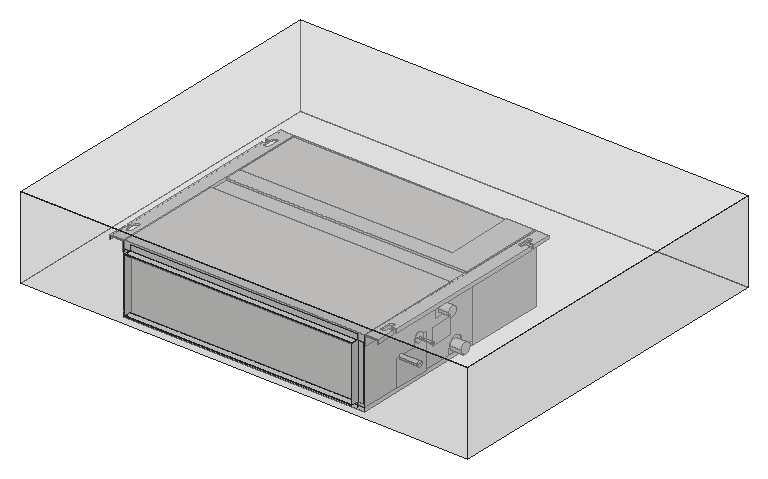
Revit family "outputfile", category 機械設備, Revit 2024
Family settings
  丸型コネクタ寸法 = 半径を使用
  パーツ タイプ = 標準
  OmniClass 番号 = 23.75.10.24.21.27.27
  OmniClass タイトル = Split System Air Conditioning Units
  作業面ベース = いいえ
  常に垂直 = はい
  ロード時にボイドで切り取り = いいえ
  注釈の向きを維持 = いいえ
  共有 = いいえ
  部屋計算ポイント = はい
Parameters (values of type "FXDQ32PDV2S")
  Description = ""
  製造元 = "Daikin"
  書き出し IFC クラス(タイプ) = "IfcUnitaryEquipmentType"
  定義済み IFC タイプ(タイプ) = "AIRCONDITIONINGUNIT"
  Cost = 0
  モデル = "FXDQ32PDV2S"
  Type Comments = ""
  Keynote = ""
  Type Image = (empty or 0)
  Assembly Code = ""
  w_pipe = 33.0 mm
  r_Liquid Pipe Size = Liquid Pipe Size / 2  # 3.2 mm
  r_Gas Pipe Size = Gas Pipe Size / 2  # 6.35 mm
  r_Drain Pipe Size = Drain Pipe Size / 2  # 10.0 mm
  lw_powersupply = 304.0 mm
  lh_suctionflange [instance] = if(Rear Connection_Return Air, 100.0 mm + [h***], 190.0 mm + [h***])  # 100.0 mm
  ld_suctionflange [instance] = if(Rear Connection_Return Air, 190.0 mm, 100.0 mm)  # 190.0 mm
  ld_powersupply = 60.0 mm
  angle_vertical_RA [instance] = if(Rear Connection_Return Air, 90.00°, 0.00°)  # 90.00°
  angle horizontal_RA [instance] = if(Rear Connection_Return Air, 180.00°, 270.00°)  # 180.00°
  Voltage_comment_50Hz = "220-240"
  Voltage_50Hz = 220 V
  URL = ""
  Supply Air Direction [instance] = yes
  Sound Power Level_H speed (dB) = 54
  Rear Connection_Return Air [instance] = not(Bottom Connection_Return Air)  # yes
  RA_length = 190.0 mm  # constant formula
  Phase_50Hz = 1
  Minimum External Static Pressure = 10.00 Pa
  Minimum Circuit Amps_50Hz = 0.8 A
  Maximum Fuse Amps_50Hz = 16.0 A
  Maximum External Static Pressure = 30.00 Pa
  Material_Casing = DAIKIN_GalvanizedSteel_Casing_indoorunit
  lw_liquidpipe = 46.0 mm  # constant formula
  lw_gaspipe = 57.0 mm  # constant formula
  lw_mountinghole_pitch = 740.0 mm  # constant formula
  lw_mountinghole = 20.0 mm  # constant formula
  lw_drainpipe = 33.0 mm  # constant formula
  lh_powersupply = 10.0 mm
  lh_liquidpipe = 110.0 mm
  lh_gaspipe = 87.0 mm
  lh_mountinghole = Height + [h***]  # 200.0 mm
  lh_drainpipe = 150.0 mm
  lh_dischargeflange = 100.0 mm
  lh_antena = 1.0 mm  # constant formula
  ld_liquidpipe = 193.0 mm  # constant formula
  ld_gaspipe = 130.0 mm  # constant formula
  ld_mountinghole_pitch = 500.0 mm  # constant formula
  ld_drainpipe = 280.0 mm
  ld_controlbox = 626.0 mm  # constant formula
  h*** = 0.0 mm  # constant formula
  d_dischargeflange = 21.2 mm  # constant formula
  Width = 700.0 mm
  Version = "ver.1.0"
  Unit Type = "Slim Duct (Standard) Type"
  Unit Mass Weight = 23.00 kg
  Unit Designation [instance] = ""
  Uniclass2015Version = "Products v1.30"
  Uniclass2015Title = "Variable refrigerant flow units"
  Uniclass2015Code = "Pr_70_65_03_94"
  Total Heating Capacity [instance] = 0.000 kW
  Total Cooling Capacity [instance] = 0.000 kW
  Sound Pressure Level_M speed (dBA) = 0
  Sound Pressure Level_L speed (dBA) = 24
  Sound Pressure Level_H speed (dBA) = 28
  Series = "VRV Fan Coil Unit"
  Sensible Cooling Capacity [instance] = 0.000 kW
  SA Duct Size Width = 660.0 mm
  SA Duct Size Height = 160.0 mm
  Refrigerant Type = "R410A"
  RA Duct Size Width = 600.0 mm
  RA Duct Size Height = 180.0 mm
  Power Input (Heating) = 0.070 kW
  Power Input (Cooling) = 0.089 kW
  Option Accessory 3 [instance] = ""
  Option Accessory 2 [instance] = ""
  Option Accessory 1 [instance] = ""
  Nominal Heating Capacity = 4.000 kW
  Nominal Cooling Capacity = 3.600 kW
  Minimum Airflow = 384.00 m³/h
  Median Airflow = 432.00 m³/h
  Maximum Airflow = 480.00 m³/h
  Load Classification = HVAC
  Liquid Pipe Size = 6.4 mm
  Link_Nested Family [instance] = ""
  IfcVersion = "0"
  IfcExportType = "AIRCONDITIONINGUNIT"
  IfcExportAs = "IfcUnitaryEquipmentType"
  Height = 200.0 mm
  Heating Entering Wet Bulb Temperature [instance] = 0.00 °C
  Heating Entering Dry Bulb Temperature [instance] = 0.00 °C
  Heating Ambient Wet Bulb Temperature [instance] = 0.00 °C
  Heating Ambient Dry Bulb Temperature [instance] = 0.00 °C
  Heat Exchanger Type = "Cross Fin Coil"
  Gas Pipe Size = 12.7 mm
  Frequency_50Hz = 50 Hz
  Fan Type = "Sirocco Fan"
  Fan Drive = "Direct Drive"
  FCU Tag No. [instance] = ""
  Drain Pipe Size = 20.0 mm
  Design Supply Airflow [instance] = 0.00 m³/h
  Design Return Airflow [instance] = 0.00 m³/h
  Design External Static Pressure [instance] = 0.00 Pa
  Depth = 620.0 mm
  既定の高さ = 0.0 mm
  Cooling Entering Wet Bulb Temperature [instance] = 0.00 °C
  Cooling Entering Dry Bulb Temperature [instance] = 0.00 °C
  Cooling Ambient Wet Bulb Temperature [instance] = 0.00 °C
  Cooling Ambient Dry Bulb Temperature [instance] = 0.00 °C
  Clearance visibility [instance] = yes
  Clearance Top = 20.0 mm
  Clearance Right = 300.0 mm
  Clearance Rear = 400.0 mm
  Clearance Left = 300.0 mm
  Clearance Front = 0.0 mm
  Clearance Bottom = 20.0 mm
  Bottom Connection_Return Air [instance] = no
Reference planes
  plane 1 "Center (Front/Back)": y = 0
  plane 2: z = 0
  plane 3 "Center (Left/Right)": x = 0
  plane 4 "Back": y = 310
  plane 5 "Front": y = -310
  plane 6 "Left": x = -350
  plane 7 "Right": x = 350
  plane 8 "Top": z = 0
  plane 9 "Bottom": z = -200
  plane 10: x = 330
  plane 11: x = -330
  plane 12: z = -190
  plane 13: z = -6
  plane 14: z = -22
  plane 15: z = -90
  plane 16: z = -113
  plane 17: x = -304
  plane 18: x = 304
  plane 19: x = -370
  plane 20: x = 370
  plane 21: y = -250
  plane 22: y = 250
  plane 23: x = -390
  plane 24: x = 390
  plane 25: x = 396
  plane 26: x = 407
  plane 27: x = 383
  plane 28: z = 0
  plane 29: z = -50
  plane 30 "Clearance Left": x = -650
  plane 31 "Clearance Right": x = 650
  plane 32 "Clearance Rear": y = 710
  plane 33 "Clearance Front": y = -310
  plane 34 "Clearance Top": z = 20
  plane 35 "Clearance Bottom": z = -220
  plane 36: z = -21
  plane 37: z = -170
  plane 38: z = -96.5
  plane 39: x = -40
  plane 40: y = -180
  plane 41: y = -117
  plane 42: y = -30
  plane 43: y = 20
  plane 44: z = -97.5
  plane 45: y = -309
  plane 46: x = -349
  plane 47: z = -100
  plane 48: z = -30
  plane 49: y = 210
  plane 50: z = 301
  plane 51: z = -199
  plane 52: y = 120
  plane 53: z = -101
Forms (mm)
  Extrusion 1, solid
    sketch origin (0, 0, 0) x (1, 0, 0) y (0, 0, 1)
      loop
        line (-350, -190) -> (-350, -200) -> (350, -200) -> (350, -190) -> (-350, -190)
    from -84 to 310
  Extrusion 2, solid, material "DAIKIN_GalvanizedSteel_Casing_indoorunit" <- "Material_Casing"
    sketch origin (0, 0, 0) x (1, 0, 0) y (0, 1, 0)
      loop
        line (-350, -309) -> (350, -309) -> (350, 310) -> (-350, 310) -> (-350, -309)
    from -200 to 0
  Extrusion 3, void
    sketch origin (0, 0, 1) x (1, 0, 0) y (0, 1, 0)
      loop
        line (-350, 62.179) -> (-350, 4.179) -> (350, 4.179) -> (350, 62.179) -> (-350, 62.179)
    from -1 to -7
  Extrusion 4, void
    sketch origin (0, 0, 0) x (0, 1, 0) y (0, 0, 1)
      loop
        line (-5, -190) -> (45, -190) -> (45, -170)
        arc (45, -170) -> (20, -145) -> (-5, -170) r 25
        line (-5, -170) -> (-5, -190)
    from 350 to 345
  Revolve 5, solid, material "DAIKIN_GalvanizedSteel_Casing_indoorunit" <- "Material_Casing"
    sketch origin (0, 0, -113) x (0, -1, 0) y (1, 0, 0)
      loop
        line (173.65, 351) -> (180, 351) -> (180, 407) -> (173.65, 407) -> (173.65, 351)
      axis (180, 351) -> (180, 407)
    angle from 0 to 360
  Revolve 6, solid, material "DAIKIN_GalvanizedSteel_Casing_indoorunit" <- "Material_Casing"
    sketch origin (0, 0, -90) x (0, -1, 0) y (1, 0, 0)
      loop
        line (117, 351) -> (117, 396) -> (113.8, 396) -> (113.8, 351) -> (117, 351)
      axis (117, 396) -> (117, 351)
    angle from 0 to 360
  Extrusion 7, solid, material "DAIKIN_GalvanizedSteel_Casing_indoorunit" <- "Material_Casing"
    sketch origin (0, 0, 0) x (0, 1, 0) y (0, 0, 1)
      loop
        circle (-116, -90) r 12.7
    from 350 to 355.007
  Extrusion 8, solid, material "DAIKIN_GalvanizedSteel_Casing_indoorunit" <- "Material_Casing"
    sketch origin (0, 0, 0) x (0, 1, 0) y (0, 0, 1)
      loop
        circle (20, -170) r 15
    from 345 to 380
  Extrusion 9, solid, material "DAIKIN_GalvanizedSteel_Casing_indoorunit" <- "Material_Casing"
    sketch origin (0, 0, 0) x (0, 1, 0) y (0, 0, 1)
      loop
        line (-52, -30) -> (-52, -70) -> (-11, -70) -> (-11, -30) -> (-52, -30)
    from 350 to 351
  Extrusion 10, solid, material "DAIKIN_GalvanizedSteel_Casing_indoorunit" <- "Material_Casing"
    sketch origin (0, 0, 0) x (0, 1, 0) y (0, 0, 1)
      loop
        circle (-30, -50.064) r 13
    from 350 to 383
  Extrusion 11, solid, material "DAIKIN_GalvanizedSteel_Casing_indoorunit" <- "Material_Casing"
    sketch origin (0, 0, 0) x (0, 1, 0) y (0, 0, 1)
      loop
        line (-63.609, -90) -> (-63.609, -136) -> (0.391, -136) -> (0.391, -90) -> (-63.609, -90)
    from 350 to 351
  Extrusion 12, solid, material "DAIKIN_GalvanizedSteel_Casing_indoorunit" <- "Material_Casing"
    sketch origin (0, 0, 0) x (1, 0, 0) y (0, 0, 1)
      loop
        line (-350, -190) -> (-350, -200) -> (350, -200) -> (350, -190) -> (-350, -190)
    from -84 to 310
  Extrusion 13, solid, material "DAIKIN_GalvanizedSteel_Casing_indoorunit" <- "Material_Casing", visible <- "Bottom Connection_Return Air"
    sketch origin (0, 0, 0) x (1, 0, 0) y (0, 0, 1)
      loop
        line (269, -199) -> (269, -1) -> (-349, -1) -> (-349, -199) -> (269, -199)
    from -310 to -309
  Extrusion 14, void
    sketch origin (0, 0, 0) x (1, 0, 0) y (0, 0, 1)
      loop
        line (269, 0) -> (-349, 0) -> (-349, -1) -> (269, -1) -> (269, 0)
    from -310 to -111
  Extrusion 15, solid, material "DAIKIN_GalvanizedSteel_Casing_indoorunit" <- "Material_Casing", visible <- "Rear Connection_Return Air"
    sketch origin (0, 0, 0) x (1, 0, 0) y (0, 1, 0)
      loop
        line (-349, 309) -> (-349, 111) -> (269, 111) -> (269, 309) -> (-349, 309)
    from -200 to -199
  Extrusion 16, solid, material "DAIKIN_GalvanizedSteel_Casing_indoorunit" <- "Material_Casing"
    sketch origin (0, 0, 0) x (0, 1, 0) y (0, 0, 1)
      loop
        line (-194, -113) -> (-194, -190) -> (-88.3, -190) -> (-88.3, -90) -> (-103.3, -90)
        arc (-103.3, -90) -> (-116, -102.7) -> (-128.7, -90) r 12.7
        line (-128.7, -90) -> (-128.7, -113) -> (-173.65, -113)
        arc (-173.65, -113) -> (-180, -119.35) -> (-186.35, -113) r 6.35
        line (-186.35, -113) -> (-194, -113)
    from 351 to 350
  Extrusion 17, solid, material "DAIKIN_GalvanizedSteel_Casing_indoorunit" <- "Material_Casing"
    sketch origin (0, 0, 0) x (0, 1, 0) y (0, 0, 1)
      loop
        line (84, -199) -> (310, -199) -> (310, -22) -> (91, -22) -> (84, -29) -> (84, -199)
    from 351 to 350
Cuts and joins
  Extrusion 3, Extrusion 4, Extrusion 14 cuts Extrusion 2
  Extrusion 4 cuts Extrusion 1
  Extrusion 14 cuts Extrusion 12
Dimensions and locks
  "lh_powersupply": plane 12 to plane 9 "Bottom"
  locked: plane 8 "Top" to plane 13 at 6
  "Height": plane 8 "Top" to plane 9 "Bottom"
  equal spacing: plane 17, plane 3 "Center (Left/Right)", plane 18, locked at 304 each
  locked: plane 17 to plane 18 at 608
  equal spacing: plane 19, plane 3 "Center (Left/Right)", plane 20, locked at 370 each
  "lw_mountinghole_pitch": plane 19 to plane 20
  locked: plane 14 to plane 9 "Bottom" at 178
  "lw_mountinghole": plane 23 to plane 19
  "lh_liquidpipe": plane 15 to plane 9 "Bottom"
  "lh_gaspipe": plane 16 to plane 9 "Bottom"
  "lh_mountinghole": plane 28 to plane 9 "Bottom"
  "ld_mountinghole_pitch": plane 22 to plane 21
  equal spacing: plane 6 "Left", plane 3 "Center (Left/Right)", plane 7 "Right", locked at 350 each
  "Width": plane 6 "Left" to plane 7 "Right"
  "lh_drainpipe": plane 29 to plane 9 "Bottom"
  "Clearance Right": plane 7 "Right" to plane 31 "Clearance Right"
  "Clearance Left": plane 30 "Clearance Left" to plane 6 "Left"
  "lw_gaspipe": plane 7 "Right" to plane 26
  "lw_liquidpipe": plane 7 "Right" to plane 25
  "lw_drainpipe": plane 7 "Right" to plane 27
  "Clearance Rear": plane 32 "Clearance Rear" to plane 4 "Back"
  "Clearance Front": plane 5 "Front" to plane 33 "Clearance Front"
  "Clearance Top": plane 34 "Clearance Top" to plane 8 "Top"
  "Clearance Bottom": plane 9 "Bottom" to plane 35 "Clearance Bottom"
  "ld_powersupply": plane 4 "Back" to plane 22
  "lw_powersupply": plane 3 "Center (Left/Right)" to plane 18
  locked: plane 8 "Top" to plane 36 at 21
  locked: plane 8 "Top" to plane 37 at 170
  locked: plane 40 to plane 41 at 63
  locked: plane 38 to plane 9 "Bottom" at 103.5
  locked: plane 36 to plane 44 at 76.5
  "Depth": plane 4 "Back" to plane 5 "Front"
  equal spacing: plane 4 "Back", plane 1 "Center (Front/Back)", plane 5 "Front"
  locked: plane 45 to plane 5 "Front" at 1
  locked: plane 46 to plane 6 "Left" at 1
  Extrusion 13 sketch curve to Extrusion 13 sketch curve = 198.0 mm
  locked: nested 13 to plane 39 at 300
  locked: plane 12 to plane 47 at 90
  plane 32 "Clearance Rear" to Extrusion 13 = 401.0 mm
  locked: plane 48 to plane 35 "Clearance Bottom" at 190
  locked: plane 49 to nested 14 at 90
  plane 50 to plane 28 = 301.0 mm
  locked: plane 51 to plane 9 "Bottom" at 1
  "ld_suctionflange": plane 4 "Back" to plane 52
  locked: plane 53 to plane 9 "Bottom" at 99
  aligned and locked: level to plane 2
  aligned and locked: Extrusion 2 to plane 9 "Bottom"
  aligned and locked: plane 8 "Top" to Extrusion 2
  aligned and locked: Revolve 5 sketch curve to Revolve 5 sketch curve
  aligned and locked: plane 15 to Extrusion 7 sketch curve
  aligned and locked: cut or joined group of Extrusion 1, Extrusion 4 to plane 9 "Bottom"
  aligned and locked: plane 24 to nested 1
  aligned and locked: nested 1 to plane 23
  aligned and locked: plane 27 to Extrusion 10
  aligned and locked: plane 25 to nested 6
  aligned and locked: nested 6 to plane 15
  aligned and locked: nested 2 to plane 22
  aligned and locked: plane 20 to nested 2
  aligned and locked: plane 20 to nested 3
  aligned and locked: plane 19 to nested 4
  aligned and locked: plane 22 to nested 5
  aligned and locked: nested 5 to plane 22
  aligned and locked: plane 19 to nested 5
  aligned and locked: nested 8 to plane 29
  aligned and locked: Extrusion 10 to nested 8
  aligned and locked: plane 27 to nested 8
  aligned and locked: plane 22 to nested 12
  aligned and locked: plane 18 to nested 12  (x2)
  aligned and locked: nested 12 to plane 18
  aligned and locked: plane 4 "Back" to nested 12
  aligned and locked: cut or joined group of Extrusion 2, Extrusion 3, Extrusion 4, Extrusion 14 to nested 12
  aligned and locked: nested 12 to plane 12
  aligned and locked: plane 8 "Top" to nested 1
  aligned and locked: Extrusion 12 to plane 5 "Front"
  aligned and locked: Extrusion 12 to plane 9 "Bottom"
  aligned and locked: nested 7 to plane 16
  aligned and locked: plane 4 "Back" to nested 1
  aligned and locked: nested 9 to plane 45
  aligned and locked: plane 40 to nested 7
  aligned and locked: plane 41 to nested 6
  aligned and locked: plane 42 to nested 8
  aligned and locked: Extrusion 8 sketch curve to plane 43
  aligned and locked: nested 13 to plane 46
  aligned and locked: plane 4 "Back" to Extrusion 14
  aligned and locked: nested 14 to Extrusion 15
  aligned and locked: nested 15 to plane 49
  aligned and locked: plane 8 "Top" to Extrusion 3
  aligned and locked: Extrusion 13 to cut or joined group of Extrusion 2, Extrusion 3, Extrusion 4, Extrusion 14
  aligned and locked: Extrusion 13 to nested 13
  aligned and locked: plane 9 "Bottom" to Extrusion 15  (x2)
  aligned and locked: plane 9 "Bottom" to nested 15
  aligned and locked: Extrusion 15 to plane 51
  aligned and locked: plane 4 "Back" to nested 13
  aligned and locked: Extrusion 14 to level
  aligned and locked: plane 32 "Clearance Rear" to nested 16
  aligned and locked: plane 31 "Clearance Right" to nested 16
  aligned and locked: plane 30 "Clearance Left" to nested 16
  aligned and locked: nested 16 to plane 33 "Clearance Front"
  aligned and locked: nested 16 to plane 34 "Clearance Top"
  aligned and locked: nested 16 to plane 35 "Clearance Bottom"
  aligned and locked: plane 7 "Right" to Extrusion 16
  aligned and locked: plane 4 "Back" to Extrusion 17
  aligned and locked: Extrusion 17 to plane 51
  aligned and locked: plane 7 "Right" to Extrusion 17
  aligned and locked: Extrusion 16 to Revolve 5 sketch curve
  aligned and locked: Extrusion 3 to plane 13
  aligned and locked: plane 52 to nested 17
  aligned and locked: plane 53 to nested 9
  aligned and locked: Extrusion 14 to nested 14
  aligned and locked: nested 11 to plane 36
  aligned and locked: level to plane 8 "Top"
Automatic sketch dimensions
  Extrusion 1 sketch curve to plane 6 "Left" = 0.0 mm
  Extrusion 1 sketch curve to plane 7 "Right" = 0.0 mm
  Extrusion 1 sketch curve to plane 9 "Bottom" = 0.0 mm
  Extrusion 1 sketch curve to plane 12 = 0.0 mm
  Extrusion 2 sketch curve to plane 4 "Back" = 0.0 mm
  Extrusion 2 sketch curve to plane 6 "Left" = 0.0 mm
  Extrusion 2 sketch curve to plane 7 "Right" = 0.0 mm
  Extrusion 2 sketch curve to plane 45 = 0.0 mm
  Extrusion 3 sketch curve to plane 6 "Left" = 0.0 mm
  Extrusion 3 sketch curve to plane 7 "Right" = 0.0 mm
  Extrusion 3 sketch curve to plane 1 "Center (Front/Back)" = 4.179 mm
  plane 43 to Extrusion 3 sketch curve = 42.179 mm
  Extrusion 4 sketch curve to plane 37 = 0.0 mm
  Extrusion 4 sketch curve to plane 12 = 0.0 mm
  Extrusion 4 sketch curve to plane 43 = 0.0 mm
  plane 1 "Center (Front/Back)" to Extrusion 4 sketch curve = 5.0 mm
  Revolve 6 sketch curve to plane 25 = 0.0 mm  (x2)
  Revolve 6 sketch curve to plane 41 = 0.0 mm  (x2)
  plane 41 to Revolve 6 sketch curve = 3.2 mm
  plane 7 "Right" to Revolve 6 sketch curve = 1.0 mm
  Revolve 6 sketch curve to Revolve 6 sketch curve = 0.0 mm
  plane 41 to Extrusion 7 sketch curve = 1.0 mm
  Extrusion 8 sketch curve to plane 37 = 0.0 mm
  Extrusion 9 sketch curve to plane 42 = 22.0 mm
  plane 1 "Center (Front/Back)" to Extrusion 9 sketch curve = 11.0 mm
  plane 15 to Extrusion 9 sketch curve = 20.0 mm
  Extrusion 9 sketch curve to plane 14 = 8.0 mm
  Extrusion 10 sketch curve to plane 42 = 0.0 mm
  Extrusion 10 sketch curve to plane 29 = 0.064 mm
  plane 15 to Extrusion 11 sketch curve = 0.0 mm
  Extrusion 11 sketch curve to plane 42 = 33.609 mm
  Extrusion 11 sketch curve to plane 1 "Center (Front/Back)" = 0.391 mm
  Extrusion 11 sketch curve to plane 16 = 23.0 mm
  Extrusion 12 sketch curve to plane 6 "Left" = 0.0 mm
  Extrusion 12 sketch curve to plane 7 "Right" = 0.0 mm
  Extrusion 12 sketch curve to plane 9 "Bottom" = 0.0 mm
  Extrusion 12 sketch curve to plane 12 = 0.0 mm
  plane 46 to Extrusion 13 sketch curve = 0.0 mm
  Extrusion 13 sketch curve to plane 18 = 35.0 mm
  plane 46 to Extrusion 14 sketch curve = 0.0 mm
  Extrusion 14 sketch curve to plane 18 = 35.0 mm
  Extrusion 14 sketch curve to plane 8 "Top" = 1.0 mm
  Extrusion 15 sketch curve to plane 46 = 0.0 mm
  Extrusion 15 sketch curve to plane 4 "Back" = 1.0 mm
  Extrusion 15 sketch curve to plane 18 = 35.0 mm
  plane 43 to Extrusion 15 sketch curve = 91.0 mm
  plane 35 "Clearance Bottom" to Extrusion 14 sketch curve = 220.0 mm
  Extrusion 13 sketch curve to plane 51 = 0.0 mm
  Extrusion 16 sketch curve to plane 12 = 0.0 mm
  Extrusion 16 sketch curve to plane 16 = 0.0 mm
  Extrusion 16 sketch curve to plane 40 = 0.0 mm
  Extrusion 16 sketch curve to plane 15 = 0.0 mm
  Extrusion 16 sketch curve to Extrusion 16 sketch curve = 6.35 mm
  Extrusion 16 sketch curve to Extrusion 16 sketch curve = 7.65 mm
  Extrusion 16 sketch curve to plane 41 = 11.7 mm
  plane 41 to Extrusion 16 sketch curve = 1.0 mm
  Extrusion 16 sketch curve to Extrusion 16 sketch curve = 27.7 mm
  Extrusion 17 sketch curve to plane 51 = 0.0 mm
  Extrusion 17 sketch curve to plane 14 = 0.0 mm
  plane 48 to Extrusion 17 sketch curve = 1.0 mm
  plane 43 to Extrusion 17 sketch curve = 64.0 mm
  Extrusion 17 sketch curve to Extrusion 17 sketch curve = 7.0 mm
  Extrusion 17 sketch curve to plane 4 "Back" = 0.0 mm
  Revolve 5 sketch curve to plane 26 = 0.0 mm
  Revolve 5 sketch curve to plane 40 = 0.0 mm
  plane 40 to Revolve 5 sketch curve = 6.35 mm
  Revolve 5 sketch curve to Revolve 5 sketch curve = 1.003 mm  (x2)
  radius of Extrusion 7 sketch curve = 12.7 mm
  radius of Extrusion 8 sketch curve = 15.0 mm
  radius of Extrusion 10 sketch curve = 13.0 mm
Nested families
  nested 1: "daikin_hangerfixture_FXDQ-PDV2S" at (0, 0.5, 0), type "daikin_hangerfixture_FXDQ-PDV2S"
  nested 2: "daikin_mountinghole" at (370, 250, -200), l_antenna <- "lh_antena", Link_Nested Family <- "Link_Nested Family", h_mountinghole <- "lh_mountinghole", type "daikin_mountinghole"
    with show yes, l_antenna 1.0 mm, h_mountinghole 200.0 mm, Link_Nested Family ""
  nested 3: "daikin_mountinghole" at (370, -250, -200), Link_Nested Family <- "Link_Nested Family", l_antenna <- "lh_antena", h_mountinghole <- "lh_mountinghole", type "daikin_mountinghole"
    with show yes, l_antenna 1.0 mm, h_mountinghole 200.0 mm, Link_Nested Family ""
  nested 4: "daikin_mountinghole" at (-370, -250, -200), l_antenna <- "lh_antena", Link_Nested Family <- "Link_Nested Family", h_mountinghole <- "lh_mountinghole", type "daikin_mountinghole"
    with show yes, l_antenna 1.0 mm, h_mountinghole 200.0 mm, Link_Nested Family ""
  nested 5: "daikin_mountinghole" at (-370, 250, -200), l_antenna <- "lh_antena", Link_Nested Family <- "Link_Nested Family", h_mountinghole <- "lh_mountinghole", type "daikin_mountinghole"
    with show yes, l_antenna 1.0 mm, h_mountinghole 200.0 mm, Link_Nested Family ""
  nested 6: "daikin_connector_rotate2" at (350, -117, -90) x (0, 1, 0) z (0, 0, 1), length <- "lw_liquidpipe", built-in parameter 1001364 <- "lh_liquidpipe", radius <- "r_Liquid Pipe Size", type "daikin_connector_rotate2"
    with radius 3.2 mm, length 46.0 mm, angle_vertical 90.00°, show_face no
  nested 7: "daikin_connector_rotate2" at (350, -180, -113) x (0, 1, 0) z (0, 0, 1), length <- "lw_gaspipe", built-in parameter 1001364 <- "lh_gaspipe", radius <- "r_Gas Pipe Size", type "daikin_connector_rotate2"
    with radius 6.35 mm, length 57.0 mm, angle_vertical 90.00°, show_face no
  nested 8: "daikin_connector_rotate2" at (350, -30, -50) x (0, 1, 0) z (0, 0, 1), built-in parameter 1001364 <- "lh_drainpipe", length <- "lw_drainpipe", radius <- "r_Drain Pipe Size", type "daikin_connector_rotate2"
    with radius 10.0 mm, length 33.0 mm, angle_vertical 90.00°, show_face no
  nested 9: "daikin_connector_rotate2" at (0, -309, -101), length <- "d_dischargeflange", built-in parameter 1001364 <- "lh_dischargeflange", type "daikin_connector_rotate2"
    with radius 10.0 mm, length 21.2 mm, angle_vertical 90.00°, show_face no
  nested 10: "daikin_△_symbolicline" at (-76.446, -102.452, 200) x (-0.5, 0.866, 0) z (0, 0, 1), built-in parameter 1001364 <- "Height", visible <- "Supply Air Direction", type "daikin_△_symbolicline"
    with length 300.0 mm
  nested 11: "daikin_ductflange_FXDQ-PDV2S" at (0, 4.5, -371.201), material <- "Material_Casing", type "daikin_ductflange_FXDQ-PDV2S"
    with width 660.0 mm, material DAIKIN_GalvanizedSteel_Casing_indoorunit, height 162.0 mm, depth 21.2 mm
  nested 12: "daikin_connector_rotate2" at (304, 250, -190) x (-1, 0, 0) z (0, 0, 1), built-in parameter 1001364 <- "lh_powersupply", length <- "ld_powersupply", type "daikin_connector_rotate2"
    with radius 10.0 mm, length 60.0 mm, angle_vertical 90.00°, show_face no
  nested 13: "daikin_ductflange_FXDQ-PDV2S2" at (-40, 310, -100), visible <- "Rear Connection_Return Air", material <- "Material_Casing", type "daikin_ductflange_FXDQ-PDV2S2"
    with width 620.0 mm, material DAIKIN_GalvanizedSteel_Casing_indoorunit, height 180.0 mm, depth 21.2 mm
  nested 14: "daikin_ductflange_FXDQ-PDV2S2" at (-40, 210, -200) x (1, 0, 0) z (0, 1, 0), visible <- "Bottom Connection_Return Air", material <- "Material_Casing", type "daikin_ductflange_FXDQ-PDV2S2"
    with width 620.0 mm, material DAIKIN_GalvanizedSteel_Casing_indoorunit, height 180.0 mm, depth 21.2 mm
  nested 15: "daikin_connector_rotate2" at (-40, 210, -178.8) x (1, 0, 0) z (0, 1, 0), length <- "d_dischargeflange", built-in parameter 1001364 <- "lh_dischargeflange", type "daikin_connector_rotate2"
    with radius 10.0 mm, length 21.2 mm, angle_vertical 90.00°, show_face no
  nested 16: "daikin_clearancespace" at (0, 200, -99.881), visible <- "Clearance visibility", show <- "Clearance visibility", Link_Nested Family <- "Link_Nested Family", type "daikin_clearancespace"
    with width 1300.0 mm, show yes, height 240.0 mm, depth 1020.0 mm, Link_Nested Family ""
  nested 17: "daikin_connector_rotate3" at (-40, 120, -100), built-in parameter 1001364 <- "lh_suctionflange", angle_vertical <- "angle_vertical_RA", angle_horizontal <- "angle horizontal_RA", length <- "RA_length", type "daikin_connector_rotate3"
    with show no, radius 10.0 mm, length 190.0 mm, angle_vertical 90.00°, angle_horizontal 180.00°
Connectors
  piping at (407, -180, -113), diameter 12.7, driven by "r_Gas Pipe Size"
    settings: on nested 7, index 1, connector inside diameter 609.6 mm, connector length 0.0 mm, flow factor 0, pipe flow 0.00 m³/h, pressure drop 0.0 Pa, fitting loss kfactor 0, connector angle 0.00°, fixture units 0, engagement length 0.0 mm, angle of deflection 0.00°, flow configuration 1, flow direction 2, fitting loss method 0, system type 29, joint type 0, gender type 0, connector reference index -1, connector utility 0, adjustable connector no, is connector primary yes, connector description "Refrigerant Gas Piping"
  piping at (396, -117, -90), diameter 6.4, driven by "r_Liquid Pipe Size"
    settings: on nested 6, index 2, connector inside diameter 609.6 mm, connector length 0.0 mm, flow factor 0, pipe flow 0.00 m³/h, pressure drop 0.0 Pa, fitting loss kfactor 0, connector angle 0.00°, fixture units 0, engagement length 0.0 mm, angle of deflection 0.00°, flow configuration 1, flow direction 1, fitting loss method 0, system type 29, joint type 0, gender type 0, connector reference index -1, connector utility 0, adjustable connector no, is connector primary no, connector description "Refrigerant Liquid Piping"
  piping at (383, -30, -50), diameter 20, driven by "r_Drain Pipe Size"
    settings: on nested 8, index 3, connector inside diameter 609.6 mm, connector length 0.0 mm, flow factor 0, pipe flow 0.00 m³/h, pressure drop 0.0 Pa, fitting loss kfactor 0, connector angle 0.00°, fixture units 0, engagement length 0.0 mm, angle of deflection 0.00°, flow configuration 1, flow direction 2, fitting loss method 4, system type 16, joint type 0, gender type 0, connector reference index -1, connector utility 0, adjustable connector no, is connector primary no, connector description "Condensate Drain Piping"
  hvac at (0, -330.2, -101), driven by "SA Duct Size Height", driven by "SA Duct Size Width"
    settings: on nested 9, index 7, duct flow 0.00 m³/h, flow factor 0, pres drop 0.00 Pa, loss coef 0, conn angle 0.00°, conn width 660.0 mm, conn height 160.0 mm, conn diameter 609.6 mm, duct sys type 1, conn prof type 1, flow config 0, flow direction 2, loss method 4, conn ref index -1, conn util no, is conn primary yes, conn desc "SA Duct"
  electrical at (304, 310, -190), driven by "Load Classification"
    settings: on nested 12, index 9, voltage 0 V, apparent load 0 VA, apparent load phase1 0 VA, apparent load phase2 0 VA, apparent load phase3 0 VA, power factor 1, load classification "HVAC", number of poles 1, system type 30, power factor state 1, is connector primary yes, connector utility no, sub classification motor no, connector description "Power Supply"
  hvac at (-40, 310, -100), driven by "RA Duct Size Height", driven by "RA Duct Size Width"
    settings: on nested 17, index 10, duct flow 0.00 m³/h, flow factor 0, pres drop 0.00 Pa, loss coef 0, conn angle 0.00°, conn width 600.0 mm, conn height 180.0 mm, conn diameter 609.6 mm, duct sys type 2, conn prof type 1, flow config 0, flow direction 1, loss method 4, conn ref index -1, conn util no, is conn primary no, conn desc "RA Duct"
Definition of nested family "daikin_hangerfixture_FXDQ-PDV2S"
  Parameters (values of type "daikin_hangerfixture_FXDQ-PDVE")
    width = 48.0 mm
    material = none
    height = 65.0 mm
    depth = 619.0 mm
    Default Elevation = 0.0 mm
  Reference planes
    plane 1 "Center (Front/Back)": y = 0
    plane 2: z = 0
    plane 3 "Center (Left/Right)": x = 0
    plane 4: x = 350
    plane 5: y = 309.5
    plane 6: y = -309.5
  Forms (mm)
    Extrusion 1, solid, material <- "material"
      sketch origin (0, 0, 0) x (1, 0, 0) y (0, 0, 1)
        loop
          line (350, 0) -> (350, -30) -> (352.3, -30) -> (352.3, -2.3) -> (387.7, -2.3) -> (387.7, -10) -> (390, -10) -> (390, 0) -> (350, 0)
      from -309.5 to 309.5
    Extrusion 2, void
      sketch origin (0, 0, 0) x (0, 1, 0) y (0, 0, 1)
        loop
          line (309.5, -30) -> (309.5, -17.979) -> (87.935, -17.979) -> (75.914, -30) -> (309.5, -30)
      from 0 to 618
    Extrusion 3, void
      sketch origin (0, 0, 0) x (1, 0, 0) y (0, 1, 0)
        loop
          line (390, -244) -> (377, -244) -> (377, -237.5)
          arc (377, -237.5) -> (370, -230.5) -> (363, -237.5) r 7
          line (363, -237.5) -> (363, -263.5)
          arc (363, -263.5) -> (370, -270.5) -> (377, -263.5) r 7
          line (377, -263.5) -> (377, -257) -> (390, -257) -> (390, -244)
        loop
          line (390, 243) -> (390, 256) -> (377, 256) -> (377, 262.5)
          arc (377, 262.5) -> (370, 269.5) -> (363, 262.5) r 7
          line (363, 262.5) -> (363, 236.5)
          arc (363, 236.5) -> (370, 229.5) -> (377, 236.5) r 7
          line (377, 236.5) -> (377, 243) -> (390, 243)
      from -254.96 to 618
    Extrusion 4, solid, material <- "material"
      sketch origin (0, 0, 0) x (-1, 0, 0) y (0, 0, -1)
        loop
          line (350, 0) -> (390, 0) -> (390, 10) -> (387.7, 10) -> (387.7, 2.3) -> (352.3, 2.3) -> (352.3, 30) -> (350, 30) -> (350, 0)
      from -309.5 to 309.5
    Extrusion 5, void
      sketch origin (0, 0, 0) x (-1, 0, 0) y (0, -1, 0)
        loop
          line (390, 244) -> (390, 257) -> (377, 257) -> (377, 263.5)
          arc (377, 263.5) -> (370, 270.5) -> (363, 263.5) r 7
          line (363, 263.5) -> (363, 237.5)
          arc (363, 237.5) -> (370, 230.5) -> (377, 237.5) r 7
          line (377, 237.5) -> (377, 244) -> (390, 244)
        loop
          line (390, -243) -> (377, -243) -> (377, -236.5)
          arc (377, -236.5) -> (370, -229.5) -> (363, -236.5) r 7
          line (363, -236.5) -> (363, -262.5)
          arc (363, -262.5) -> (370, -269.5) -> (377, -262.5) r 7
          line (377, -262.5) -> (377, -256) -> (390, -256) -> (390, -243)
      from -254.96 to 618
  Cuts and joins
    Extrusion 2, Extrusion 3, Extrusion 5 cuts Extrusion 1
    Extrusion 5 cuts Extrusion 4
  Dimensions and locks
    locked: plane 4 to plane 3 "Center (Left/Right)" at 350
    equal spacing: plane 5, plane 1 "Center (Front/Back)", plane 6
    "depth": plane 5 to plane 6
    locked: plane 3 "Center (Left/Right)" to plane 4 at 350
    plane 6 to plane 1 "Center (Front/Back)" to plane 5 = 309.5 mm, 309.5 mm
    aligned and locked: level to plane 2
    aligned and locked: plane 5 to Extrusion 1
    aligned and locked: Extrusion 1 to plane 6
    aligned and locked: Extrusion 1 to plane 4
    aligned and locked: plane 5 to cut or joined group of Extrusion 1, Extrusion 2, Extrusion 3, Extrusion 5
    aligned and locked: cut or joined group of Extrusion 1, Extrusion 2, Extrusion 3, Extrusion 5 to plane 6
    aligned and locked: level to cut or joined group of Extrusion 1, Extrusion 2, Extrusion 3, Extrusion 5
    aligned and locked: plane 5 to cut or joined group of Extrusion 4, Extrusion 5
    aligned and locked: cut or joined group of Extrusion 4, Extrusion 5 to plane 6
  Automatic sketch dimensions
    Extrusion 1 sketch curve to plane 4 = 0.0 mm
    Extrusion 1 sketch curve to level = 0.0 mm
    plane 4 to Extrusion 1 sketch curve = 2.3 mm
    Extrusion 1 sketch curve to level = 2.3 mm
    Extrusion 1 sketch curve to Extrusion 1 sketch curve = 35.4 mm
    Extrusion 1 sketch curve to Extrusion 1 sketch curve = 2.3 mm
    Extrusion 1 sketch curve to Extrusion 1 sketch curve = 7.7 mm
    Extrusion 1 sketch curve to Extrusion 1 sketch curve = 27.7 mm
    Extrusion 2 sketch curve to plane 5 = 0.0 mm
    Extrusion 2 sketch curve to level = 17.979 mm
    Extrusion 2 sketch curve to plane 1 "Center (Front/Back)" = 87.935 mm
    Extrusion 2 sketch curve to level = 30.0 mm
    Extrusion 2 sketch curve to Extrusion 2 sketch curve = 12.021 mm
    plane 4 to Extrusion 3 sketch curve = 13.0 mm  (x2)
    Extrusion 3 sketch curve to Extrusion 3 sketch curve = 7.0 mm  (x4)
    Extrusion 3 sketch curve to Extrusion 3 sketch curve = 13.0 mm  (x4)
    plane 6 to Extrusion 3 sketch curve = 46.0 mm
    Extrusion 3 sketch curve to Extrusion 3 sketch curve = 6.5 mm  (x4)
    Extrusion 3 sketch curve to plane 5 = 73.0 mm
    Extrusion 4 sketch curve to level = 0.0 mm
    Extrusion 4 sketch curve to level = 30.0 mm
    Extrusion 4 sketch curve to plane 3 "Center (Left/Right)" = 350.0 mm
    Extrusion 4 sketch curve to Extrusion 4 sketch curve = 2.3 mm  (x2)
    Extrusion 4 sketch curve to level = 2.3 mm
    Extrusion 4 sketch curve to Extrusion 4 sketch curve = 35.4 mm
    Extrusion 4 sketch curve to Extrusion 4 sketch curve = 7.7 mm
    Extrusion 5 sketch curve to plane 5 = 73.0 mm
    Extrusion 5 sketch curve to plane 3 "Center (Left/Right)" = 363.0 mm  (x2)
    plane 6 to Extrusion 5 sketch curve = 72.0 mm
    Extrusion 5 sketch curve to Extrusion 5 sketch curve = 7.0 mm  (x4)
    Extrusion 5 sketch curve to Extrusion 5 sketch curve = 13.0 mm  (x4)
    Extrusion 5 sketch curve to Extrusion 5 sketch curve = 6.5 mm  (x4)
Definition of nested family "daikin_ductflange_FXDQ-PDV2S"
  Parameters (values of type "daikin_ductflange_FXDQ-PDVE")
    width [instance] = 660.0 mm
    material [instance] = none
    height [instance] = 162.0 mm
    depth [instance] = 21.2 mm
    Default Elevation = 0.0 mm
  Reference planes
    plane 1 "Center (Front/Back)": y = 0
    plane 2: z = 189.201
    plane 3 "Center (Left/Right)": x = 0
    plane 4: y = -313.5
    plane 5: x = -330
    plane 6: x = 330
    plane 7: y = -334.7
    plane 8: z = 351.201
    plane 9: z = 270.201
    plane 10: z = 350.201
    plane 11: z = 190.201
  Forms (mm)
    Extrusion 1, solid, material <- "material"
      sketch origin (0, 0, 189.201) x (1, 0, 0) y (0, 1, 0)
        loop
          line (-330, -334.7) -> (-330, -313.5) -> (-348, -313.5) -> (-348, -314.5) -> (-331, -314.5) -> (-331, -334.7) -> (-330, -334.7)
        loop
          line (330, -334.7) -> (331, -334.7) -> (331, -314.5) -> (348, -314.5) -> (348, -313.5) -> (330, -313.5) -> (330, -334.7)
      from 1 to 161
    Extrusion 2, solid, material <- "material"
      sketch origin (0, 0, 0) x (0, 1, 0) y (0, 0, 1)
        loop
          line (-313.5, 350.201) -> (-313.5, 365.201) -> (-314.5, 365.201) -> (-314.5, 351.201) -> (-334.7, 351.201) -> (-334.7, 350.201) -> (-313.5, 350.201)
        loop
          line (-313.5, 190.201) -> (-334.7, 190.201) -> (-334.7, 189.201) -> (-314.5, 189.201) -> (-314.5, 175.201) -> (-313.5, 175.201) -> (-313.5, 190.201)
      from -330 to 330
  Dimensions and locks
    plane 4 to plane 1 "Center (Front/Back)" = 313.5 mm
    "depth": plane 7 to plane 4
    equal spacing: plane 8, plane 9, level, locked at 81 each
    "height": plane 8 to level
    equal spacing: plane 6, plane 3 "Center (Left/Right)", plane 5, locked at 330 each
    "width": plane 6 to plane 5
    plane 5 to plane 6 = 660.0 mm
    locked: Extrusion 1 sketch curve to Extrusion 1 sketch curve at 660
    locked: plane 8 to plane 10 at 1
    locked: plane 11 to level at 1
    locked: Extrusion 1 to Extrusion 2 sketch curve at 1
    locked: Extrusion 2 sketch curve to Extrusion 1 at 1
    locked: Extrusion 1 sketch curve to Extrusion 1 sketch curve at 1  (x2)
    aligned and locked: level to plane 2
    aligned and locked: plane 4 to Extrusion 1  (x2)
    aligned and locked: plane 5 to Extrusion 1
    aligned and locked: Extrusion 1 to plane 7  (x2)
    aligned and locked: Extrusion 1 to plane 6
    aligned and locked: Extrusion 1 to plane 10
    aligned and locked: Extrusion 1 to plane 11
    aligned and locked: plane 10 to Extrusion 1
    aligned and locked: plane 11 to Extrusion 1
    aligned and locked: Extrusion 2 to plane 5
    aligned and locked: plane 5 to Extrusion 2
    aligned and locked: plane 6 to Extrusion 2
    aligned and locked: Extrusion 2 to plane 6
    aligned and locked: Extrusion 2 to plane 11
    aligned and locked: Extrusion 2 to plane 10
  Automatic sketch dimensions
    Extrusion 1 sketch curve to plane 4 = 0.0 mm  (x2)
    Extrusion 1 sketch curve to plane 7 = 0.0 mm  (x2)
    Extrusion 1 sketch curve to plane 5 = 0.0 mm
    Extrusion 1 sketch curve to plane 5 = 1.0 mm
    Extrusion 1 sketch curve to Extrusion 1 sketch curve = 17.0 mm  (x2)
    plane 6 to Extrusion 1 sketch curve = 1.0 mm
    Extrusion 2 sketch curve to plane 7 = 0.0 mm  (x2)
    Extrusion 2 sketch curve to plane 4 = 0.0 mm  (x2)
    Extrusion 2 sketch curve to plane 11 = 0.0 mm
    Extrusion 2 sketch curve to plane 10 = 0.0 mm
    Extrusion 2 sketch curve to plane 4 = 1.0 mm  (x2)
    Extrusion 2 sketch curve to level = 14.0 mm
    plane 8 to Extrusion 2 sketch curve = 14.0 mm
Definition of nested family "daikin_ductflange_FXDQ-PDV2S2"
  Parameters (values of type "daikin_ductflange_FXDQ-PDVE2")
    width [instance] = 620.0 mm
    material [instance] = none
    height [instance] = 180.0 mm
    depth [instance] = 21.2 mm
    Default Elevation = 0.0 mm
  Reference planes
    plane 1 "Center (Front/Back)": y = 0
    plane 2: z = 0
    plane 3 "Center (Left/Right)": x = 0
    plane 4: y = -313.5
    plane 5: y = -334.7
    plane 6: x = -310
    plane 7: x = 310
    plane 8: z = 90
    plane 9: z = -90
    plane 10: z = 100
    plane 11: z = -100
    plane 12: x = -309
    plane 13: x = 309
  Forms (mm)
    Extrusion 1, solid, material <- "material"
      sketch origin (0, 0, 0) x (1, 0, 0) y (0, 0, 1)
        loop
          line (-300, 90) -> (-300, -90) -> (300, -90) -> (300, 90) -> (-300, 90)
        loop
          line (-309, -99) -> (309, -99) -> (309, 99) -> (-309, 99) -> (-309, -99)
      from 0 to 1
  Dimensions and locks
    plane 4 to plane 1 "Center (Front/Back)" = 313.5 mm
    "depth": plane 5 to plane 4
    equal spacing: plane 7, plane 3 "Center (Left/Right)", plane 6, locked at 310 each
    "width": plane 7 to plane 6
    equal spacing: plane 8, level, plane 9, locked at 90 each
    "height": plane 8 to plane 9
    equal spacing: plane 10, level, plane 11, locked at 100 each
    locked: plane 10 to plane 11 at 200
    plane 12 to plane 6 = 1.0 mm
    locked: plane 7 to plane 13 at 1
    locked: Extrusion 1 sketch curve to Extrusion 1 sketch curve at 9  (x4)
    locked: plane 10 to Extrusion 1 sketch curve at 1
    locked: Extrusion 1 sketch curve to plane 11 at 1
    aligned and locked: level to plane 2
  Automatic sketch dimensions
    plane 6 to Extrusion 1 sketch curve = 1.0 mm
    Extrusion 1 sketch curve to plane 7 = 1.0 mm
Definition of nested family "daikin_clearancespace"
  Parameters (values of type "daikin_clearancespace")
    width [instance] = 1823.963 mm
    show [instance] = yes
    material = none
    height [instance] = 1359.762 mm
    depth [instance] = 880.0 mm
    Default Elevation = 0.0 mm
    Link_Nested Family [instance] = ""
  Reference planes
    plane 1 "Center (Front/Back)": y = 0
    plane 2 "Center (Elevation)": z = -0.119
    plane 3 "Center (Left/Right)": x = 0
    plane 4: y = 440
    plane 5: y = -440
    plane 6 "Right": x = 911.982
    plane 7 "Left": x = -911.982
    plane 8 "Top": z = 679.762
    plane 9 "Bottom": z = -680
  Forms (mm)
    Extrusion 1, solid, material <- "material", visible <- "show"
      sketch origin (0, 0, 0) x (1, 0, 0) y (0, 1, 0)
        loop
          line (-911.982, 440) -> (-911.982, -440) -> (911.982, -440) -> (911.982, 440) -> (-911.982, 440)
      from -680 to 679.762
  Lines and regions (mm)
    symbolic lines, visible <- "show"
      curve 1: line (911.982, 440, 0) -> (-911.982, 440, 0)
      curve 2: line (-911.982, 440, 0) -> (-911.982, -440, 0)
      curve 3: line (-911.982, -440, 0) -> (911.982, -440, 0)
      curve 4: line (911.982, -440, 0) -> (911.982, 440, 0)
      curve 5: line (911.982, 0, 679.762) -> (-911.982, 0, 679.762)
      curve 6: line (911.982, 0, -680) -> (911.982, 0, 679.762)
      curve 7: line (-911.982, 0, -680) -> (911.982, 0, -680)
      curve 8: line (-911.982, 0, 679.762) -> (-911.982, 0, -680)
      curve 9: line (0, 440, 679.762) -> (0, -440, 679.762)
      curve 10: line (0, -440, 679.762) -> (0, -440, -680)
      curve 11: line (0, 440, -680) -> (0, 440, 679.762)
      curve 12: line (0, -440, -680) -> (0, 440, -680)
  Dimensions and locks
    "width": plane 7 "Left" to plane 6 "Right"
    "depth": plane 4 to plane 5
    "height": plane 8 "Top" to plane 9 "Bottom"
    equal spacing: plane 7 "Left", plane 3 "Center (Left/Right)", plane 6 "Right"
    equal spacing: plane 4, plane 1 "Center (Front/Back)", plane 5
    equal spacing: plane 8 "Top", plane 2 "Center (Elevation)", plane 9 "Bottom"
    aligned and locked: level to plane 2 "Center (Elevation)"
    aligned and locked: Extrusion 1 sketch curve to plane 4
    aligned and locked: plane 7 "Left" to Extrusion 1 sketch curve
    aligned and locked: Extrusion 1 sketch curve to plane 5
    aligned and locked: Extrusion 1 sketch curve to plane 6 "Right"
    aligned and locked: plane 8 "Top" to Extrusion 1
    aligned and locked: curve 1 to Extrusion 1
    aligned and locked: curve 2 to Extrusion 1
    aligned and locked: curve 3 to Extrusion 1
    aligned and locked: curve 4 to Extrusion 1
    aligned and locked: curve 5 to Extrusion 1
    aligned and locked: curve 6 to Extrusion 1
    aligned and locked: curve 7 to Extrusion 1
    aligned and locked: curve 8 to Extrusion 1
    aligned and locked: curve 9 to Extrusion 1
    aligned and locked: curve 10 to Extrusion 1
    aligned and locked: curve 11 to Extrusion 1
    aligned and locked: curve 12 to Extrusion 1
    aligned and locked: Extrusion 1 to plane 9 "Bottom"
Definition of nested family "daikin_mountinghole"
  Parameters (values of type "daikin_mountinghole")
    Default Elevation = 1219.2 mm
    Type Comments = "mountinghole"
    show [instance] = yes
    material = none
    l_centerline = 100.0 mm
    l_antenna [instance] = 100.0 mm
    h_mountinghole [instance] = 0.0 mm
    d_circle = 30.0 mm
    Link_Nested Family [instance] = ""
  Reference planes
    plane 1 "Center (Front/Back)": y = 0
    plane 2: z = 0
    plane 3 "Center (Left/Right)": x = 0
    plane 4: y = 50
    plane 5: x = -50
    plane 6: x = 50
    plane 7: y = -50
    plane 8 "h_mountinghole": z = 0
    plane 9: z = 100
  Lines and regions (mm)
    model lines, detail levels fine
      curve 1: circle (0, 0, 0) r 15 normal (0, 0, 1)
      curve 2: line (-50, 0, 0) -> (50, 0, 0)
      curve 3: line (0, 50, 0) -> (0, -50, 0)
    symbolic lines, detail levels fine
      curve 4: circle (0, 0, 0) r 15 normal (0, 0, 1)
      curve 5: line (-50, 0, 0) -> (50, 0, 0)
      curve 6: line (0, 50, 0) -> (0, -50, 0)
    model lines
      curve 7: line (0, 0, 100) -> (0, 0, 0)
  Dimensions and locks
    equal spacing: plane 4, plane 1 "Center (Front/Back)", plane 7
    "l_centerline": plane 4 to plane 7
    equal spacing: plane 5, plane 3 "Center (Left/Right)", plane 6
    "l_centerline": plane 5 to plane 6
    "l_antenna": plane 9 to plane 8 "h_mountinghole"
    "h_mountinghole": plane 8 "h_mountinghole" to plane 2
    "d_circle": diameter of curve 1
    "d_circle": diameter of curve 4
    aligned and locked: level to plane 2
    aligned and locked: plane 1 "Center (Front/Back)" to curve 1
    aligned and locked: plane 3 "Center (Left/Right)" to curve 1
    aligned and locked: plane 1 "Center (Front/Back)" to curve 2
    aligned and locked: curve 3 to plane 3 "Center (Left/Right)"
    aligned and locked: plane 6 to curve 2
    aligned and locked: plane 5 to curve 2
    aligned and locked: plane 4 to curve 3
    aligned and locked: plane 7 to curve 3
    aligned and locked: plane 1 "Center (Front/Back)" to curve 4
    aligned and locked: plane 3 "Center (Left/Right)" to curve 4
    aligned and locked: plane 6 to curve 5
    aligned and locked: plane 5 to curve 5
    aligned and locked: plane 1 "Center (Front/Back)" to curve 5
    aligned and locked: plane 4 to curve 6
    aligned and locked: plane 7 to curve 6
    aligned and locked: curve 6 to plane 3 "Center (Left/Right)"
    aligned and locked: curve 7 to plane 3 "Center (Left/Right)"
    aligned and locked: plane 9 to curve 7
    aligned and locked: plane 8 "h_mountinghole" to curve 7
Definition of nested family "daikin_connector_rotate2"
  Parameters (values of type "daikin_connector_rotate2")
    show_face = yes
    radius [instance] = 10.0 mm
    length [instance] = 600.0 mm
    d_surface = 10.0 mm
    angle_vertical [instance] = 90.00°
    Default Elevation = 0.0 mm
  Reference planes
    plane 1 "Center (Front/Back)": y = 0
    plane 2: z = 0
    plane 3 "Center (Left/Right)": x = 0
  Forms (mm)
    Extrusion 1, solid, visible <- "show_face"
      sketch origin (0, -600, 0) x (1, 0, 0) y (0, 0, 1)
        loop
          circle (0, 0) r 10
      from 0 to -10
  Lines and regions (mm)
    reference lines
      curve 1: line (0, 0, 0) -> (0, -600, 0)
    symbolic lines
      curve 2: circle (0, 0, 0) r 5 normal (0, 0, 1)
    model lines, visible <- "show_face"
      curve 3: line (0, 0, 0) -> (0, -600, 0)
  Dimensions and locks
    "length": curve 1 to curve 1
    "length": curve 3 to curve 3
    "d_surface": Extrusion 1 to Extrusion 1
    "radius": radius of Extrusion 1 sketch curve
    "angle_vertical": angle curve 1 to plane 1 "Center (Front/Back)"
    "angle_vertical": angle curve 3 to plane 1 "Center (Front/Back)"
    aligned and locked: level to plane 2
    aligned and locked: plane 1 "Center (Front/Back)" to curve 1
    aligned and locked: plane 2 to curve 1
    aligned and locked: plane 1 "Center (Front/Back)" to curve 2
    aligned and locked: plane 3 "Center (Left/Right)" to curve 2
    aligned and locked: plane 1 "Center (Front/Back)" to curve 3
    aligned and locked: plane 2 to curve 3
    aligned and locked: Extrusion 1 to Extrusion 1
  Automatic sketch dimensions
    Extrusion 1 sketch curve to level = 0.0 mm
    Extrusion 1 sketch curve to plane 3 "Center (Left/Right)" = 0.0 mm
    radius of curve 2 = 5.0 mm
Definition of nested family "daikin_△_symbolicline"
  Parameters (values of type "daikin_△_symbolicline")
    length [instance] = 500.0 mm
    Default Elevation = 0.0 mm
  Reference planes
    plane 1 "Center (Front/Back)": y = 0
    plane 2: z = 0
    plane 3 "Center (Left/Right)": x = 0
  Lines and regions (mm)
    symbolic lines
      curve 1: line (0, -433.013, 0) -> (250, 0, 0)
      curve 2: line (250, 0, 0) -> (-250, 0, 0)
      curve 3: line (-250, 0, 0) -> (0, -433.013, 0)
  Dimensions and locks
    equal spacing: curve 3, plane 3 "Center (Left/Right)", curve 2
    "length": curve 3 to curve 2
    "length": curve 3 to curve 3
    "length": curve 1 to curve 1
    aligned and locked: level to plane 2
    aligned and locked: curve 2 to plane 1 "Center (Front/Back)"
    aligned and locked: plane 3 "Center (Left/Right)" to curve 3
Definition of nested family "daikin_connector_rotate3"
  Parameters (values of type "daikin_connector_rotate3")
    Default Elevation = 1219.2 mm
    show [instance] = yes
    radius [instance] = 10.0 mm
    length [instance] = 600.0 mm
    angle_horizontal [instance] = 60.00°
    angle_vertical [instance] = 90.00°
  Reference planes
    plane 1 "Center (Front/Back)": y = 0
    plane 2: z = 0
    plane 3 "Center (Left/Right)": x = 0
  Dimensions and locks
    "angle_horizontal": angle plane 3 "Center (Left/Right)" to nested 1
    aligned and locked: level to plane 2
    aligned and locked: plane 1 "Center (Front/Back)" to nested 1  (x2)
    aligned and locked: plane 3 "Center (Left/Right)" to nested 1
  Nested families
    nested 1: "daikin_connector_rotate2" at (0, 0, 0) x (0.5, 0.866, 0) z (0, 0, 1), angle_vertical <- "angle_vertical", length <- "length", radius <- "radius", type "daikin_connector_rotate2"
      with radius 10.0 mm, length 600.0 mm, angle_vertical 90.00°
  Definition of nested family "daikin_connector_rotate2"
    Parameters (values of type "daikin_connector_rotate2")
      show_face = yes
      radius [instance] = 10.0 mm
      length [instance] = 600.0 mm
      d_surface = 10.0 mm
      angle_vertical [instance] = 90.00°
      Default Elevation = 0.0 mm
    Reference planes
      plane 1 "Center (Front/Back)": y = 0
      plane 2: z = 0
      plane 3 "Center (Left/Right)": x = 0
    Forms (mm)
      Extrusion 1, solid, visible <- "show_face"
        sketch origin (0, -600, 0) x (1, 0, 0) y (0, 0, 1)
          loop
            circle (0, 0) r 10
        from 0 to -10
    Lines and regions (mm)
      reference lines
        curve 1: line (0, 0, 0) -> (0, -600, 0)
      symbolic lines
        curve 2: circle (0, 0, 0) r 5 normal (0, 0, 1)
      model lines, visible <- "show_face"
        curve 3: line (0, 0, 0) -> (0, -600, 0)
    Dimensions and locks
      "length": curve 1 to curve 1
      "length": curve 3 to curve 3
      "d_surface": Extrusion 1 to Extrusion 1
      "radius": radius of Extrusion 1 sketch curve
      "angle_vertical": angle curve 1 to plane 1 "Center (Front/Back)"
      "angle_vertical": angle curve 3 to plane 1 "Center (Front/Back)"
      aligned and locked: level to plane 2
      aligned and locked: plane 1 "Center (Front/Back)" to curve 1
      aligned and locked: plane 2 to curve 1
      aligned and locked: plane 1 "Center (Front/Back)" to curve 2
      aligned and locked: plane 3 "Center (Left/Right)" to curve 2
      aligned and locked: plane 1 "Center (Front/Back)" to curve 3
      aligned and locked: plane 2 to curve 3
      aligned and locked: Extrusion 1 to Extrusion 1
    Automatic sketch dimensions
      Extrusion 1 sketch curve to level = 0.0 mm
      Extrusion 1 sketch curve to plane 3 "Center (Left/Right)" = 0.0 mm
      radius of curve 2 = 5.0 mm
